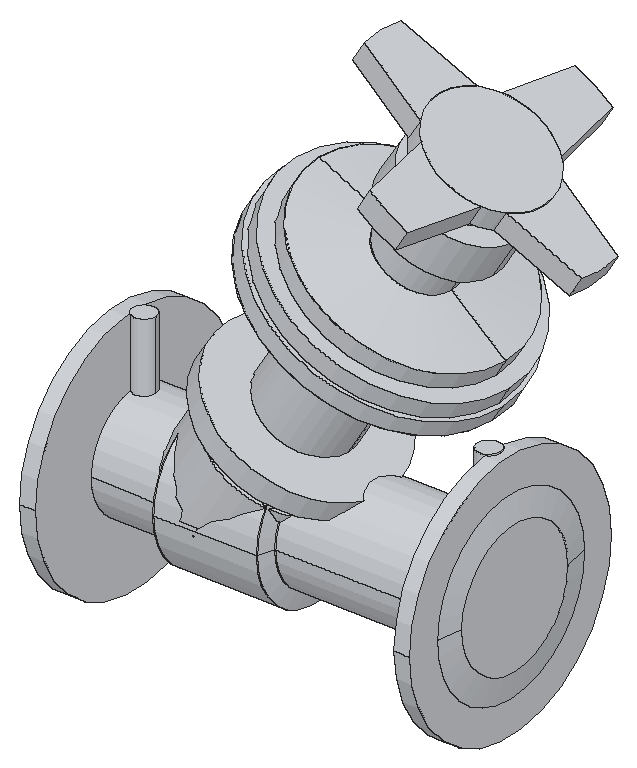
Revit family "224_DN100_40-160_RFA_2018", category Pipe Accessories, Revit 2018
Family settings
  Round Connector Dimension = Use Diameter
  Part Type = Valve - Breaks Into
  Work Plane-Based = No
  Always vertical = Yes
  Cut with Voids When Loaded = No
  Shared = No
Parameters (values of type "224_DN100_(40-160)")
  magiProductId = "71f9e553003c40d991c5e352e67284"
  magiProductFamilyId = "cb96b53648234cefb8c956722b95ac"
  magiPartTypeId = 304
  isMeasuringValve [instance] = no
  ang2D [instance] = 0.00°
  Z8 = 24.389 mm
  Z7 = 8.13 mm
  Z6 = 101.622 mm
  Z4 = 40.649 mm
  Z3 = 16.26 mm
  Z2 = 20.324 mm
  Z1 = 60.973 mm
  Y9 = 112.022 mm
  Y8 = 43.927 mm
  X9 = 19.752 mm
  X8 = 30.758 mm
  X5 = 152.2 mm
  X4 = 91 mm
  X1 = 14 mm
  W2D = 100 mm
  VersionID = "2.0/2018.4.11.4/ZETKAMA_224_001"
  Use Minimum Symbol Size [instance] = yes
  URL = "www.hydronic.cz"
  Type Comments = "přírubový ventil, PN16; -10~+120°C; dpmin=1,5xdpnast;"
  R8 = 53.625 mm
  R7 = 35.75 mm
  R6 = 96.688 mm
  R5 = 110 mm
  R4 = 113.75 mm
  R3 = 52 mm
  R2 = 80.5 mm
  R12 = 42.75 mm
  R10 = 58 mm
  QmdConnectorList = "301;D;302;D"
  Productdata [instance] = ""
  Manufacturer = "Hydronic Systems Prague s.r.o."
  Maintenance Zone Under Depth [instance] = 405 mm
  Maintenance Zone Right Depth [instance] = 350 mm
  Maintenance Zone Over Depth [instance] = 405 mm
  Maintenance Zone Left Depth [instance] = 350 mm
  Maintenance Zone Front Depth [instance] = 273 mm
  Maintenance Zone Back Depth [instance] = 273 mm
  Maintenance Zone Front Visibility [instance] = no
  MC Product Code = "224 100 7 (DN100; dpnast 40-160kPa; dpmax=250kPa; kvs=110,0kPa)"
  MC Piping Given Pressure Drop [instance] = 0.0 Pa
  LT2 = 175 mm
  L3 = 62.8 mm
  L2D_Min = 3048 mm
  L2D = 350 mm
  H5 = 60 mm
  FDT2 = 110 mm
  Description = "Regulátor diferenčního tlaku přírubový"
  DT21 = 50 mm
  DT2 = 50 mm
  D6 = 81.25 mm
  D5 = 65 mm
  D = 100 mm
  Clearance Zone Height Depth [instance] = 405 mm
  Clearance Zone Circular Radius [instance] = 350 mm
  Clearance Zone Visibility [instance] = no
  CAT0 = yes
  ARC2 = 1.728 mm
  ARC1 = 9.698 mm
  ANG = 32.00°
  A2 = 32.458 mm
  A1 = 51.943 mm
Types (10, lengths in mm): name | magiProductId | Z8 | Z7 | Z6 | Z4 | Z3 | Z2 | Z1 | X5 | X4 | X1 | R5 | R3 | R2 | R10 | Maintenance Zone Under Depth | Maintenance Zone Right Depth | Maintenance Zone Over Depth | Maintenance Zone Left Depth | MC Product Code | LT2 | L3 | H5 | FDT2 | DT21 | DT2 | D6 | D5 | D | Clearance Zone Height Depth | Clearance Zone Circular Radius | A2 | A1
  224_DN100_(40-160) | "71f9e553003c40d991c5e352e67284" | 24.389 | 8.13 | 101.622 | 40.649 | 16.26 | 20.324 | 60.973 | 152.2 | 91 | 14 | 110 | 52 | 80.5 | 58 | 405 | 350 | 405 | 350 | "224 100 7 (DN100; dpnast 40-160kPa; dpmax=250kPa; kvs=110,0kPa)" | 175 | 62.8 | 60 | 110 | 50 | 50 | 81.25 | 65 | 100 | 405 | 350 | 32.458 | 51.943
  224_DN100_(20-70) | "5e4de33176c64976a9c157b39996ce" | 24.389 | 8.13 | 101.622 | 40.649 | 16.26 | 20.324 | 60.973 | 152.2 | 91 | 14 | 110 | 52 | 80.5 | 58 | 405 | 350 | 405 | 350 | "224 100 3 (DN100; dpnast 20-70kPa; dpmax=250kPa; kvs=110,0kPa)" | 175 | 62.8 | 60 | 110 | 50 | 50 | 81.25 | 65 | 100 | 405 | 350 | 32.458 | 51.943
  224_DN125_(40-160) | "9beb69b667494b6ab1f54942078ae6" | 25.804 | 8.601 | 107.518 | 43.007 | 17.203 | 21.504 | 64.511 | 166.25 | 113.75 | 16 | 125 | 65 | 95.5 | 71 | 425 | 400 | 425 | 400 | "224 125 7 (DN125; dpnast 40-160kPa; dpmax=250kPa; kvs=169,0kPa)" | 200 | 72 | 62.5 | 125 | 62.5 | 62.5 | 101.562 | 81.25 | 125 | 425 | 400 | 37.094 | 59.363
  224_DN125_(20-70) | "2c85edc695ca465cb63b6911085491" | 25.804 | 8.601 | 107.518 | 43.007 | 17.203 | 21.504 | 64.511 | 166.25 | 113.75 | 16 | 125 | 65 | 95.5 | 71 | 425 | 400 | 425 | 400 | "224 125 3 (DN125; dpnast 20-70kPa; dpmax=250kPa; kvs=169,0kPa)" | 200 | 72 | 62.5 | 125 | 62.5 | 62.5 | 101.562 | 81.25 | 125 | 425 | 400 | 37.094 | 59.363
  224_DN150_(40-160) | "96017eba5eec4de2abe05c4d8dc7d1" | 26.866 | 8.955 | 89.552 | 44.776 | 17.91 | 22.388 | 89.552 | 223.38 | 115.5 | 19.2 | 142.5 | 70.2 | 108.5 | 84 | 440 | 480 | 440 | 480 | "224 150 7 (DN150; dpnast 40-160kPa; dpmax=250kPa; kvs=200,0kPa)" | 240 | 86.72 | 67.5 | 142.5 | 67.5 | 75 | 90.75 | 82.5 | 150 | 440 | 480 | 44.513 | 71.236
  224_DN150_(20-70) | "2dcf3707ec5549d494f72875a03dce" | 26.866 | 8.955 | 89.552 | 44.776 | 17.91 | 22.388 | 89.552 | 223.38 | 115.5 | 19.2 | 142.5 | 70.2 | 108.5 | 84 | 440 | 480 | 440 | 480 | "224 150 3 (DN150; dpnast 20-70kPa; dpmax=250kPa; kvs=200,0kPa)" | 240 | 86.72 | 67.5 | 142.5 | 67.5 | 75 | 90.75 | 82.5 | 150 | 440 | 480 | 44.513 | 71.236
  224_DN065_(40-160) | "7a3227ed888c4b0d8669ae9eb0085d" | 22.974 | 7.658 | 95.726 | 38.29 | 15.316 | 19.145 | 57.436 | 139.89 | 59.15 | 11.6 | 92.5 | 33.8 | 63 | 40.5 | 385 | 290 | 385 | 290 | "224 065 7 (DN65; dpnast 40-160kPa; dpmax=300kPa; kvs=48,4kPa)" | 145 | 51.76 | 60 | 92.5 | 32.5 | 32.5 | 52.812 | 42.25 | 65 | 385 | 290 | 26.893 | 43.038
  224_DN065_(20-70) | "bd269db4002540fe9b2a41f205afd7" | 22.974 | 7.658 | 95.726 | 38.29 | 15.316 | 19.145 | 57.436 | 139.89 | 59.15 | 11.6 | 92.5 | 33.8 | 63 | 40.5 | 385 | 290 | 385 | 290 | "224 065 3 (DN65; dpnast 20-70kPa; dpmax=300kPa; kvs=48,4kPa)" | 145 | 51.76 | 60 | 92.5 | 32.5 | 32.5 | 52.812 | 42.25 | 65 | 385 | 290 | 26.893 | 43.038
  224_DN080_(40-160) | "20b45c03d3cb49e9a44f946d5e2c2d" | 23.328 | 7.776 | 97.2 | 38.88 | 15.552 | 19.44 | 58.32 | 140.96 | 72.8 | 12.4 | 100 | 41.6 | 70.5 | 48 | 390 | 310 | 390 | 310 | "224 080 7 (DN80; dpnast 40-160kPa; dpmax=300kPa; kvs=74,5kPa)" | 155 | 55.44 | 60 | 100 | 40 | 40 | 65 | 52 | 80 | 390 | 310 | 28.748 | 46.007
  224_DN080_(20-70) | "2f63645f7c5342ecbadd0051fa47f2" | 23.328 | 7.776 | 97.2 | 38.88 | 15.552 | 19.44 | 58.32 | 140.96 | 72.8 | 12.4 | 100 | 41.6 | 70.5 | 48 | 390 | 310 | 390 | 310 | "224 080 3 (DN80; dpnast 20-70kPa; dpmax=300kPa; kvs=74,5kPa)" | 155 | 55.44 | 60 | 100 | 40 | 40 | 65 | 52 | 80 | 390 | 310 | 28.748 | 46.007
Reference planes
  plane 1 "Center (Front/Back)": y = 0
  plane 2 "XYPLANE": z = 0
  plane 3 "Center (Left/Right)": x = 0
  plane 4 "274": z = -405
  plane 5 "273": z = 405
  plane 6 "272": x = -350
  plane 7 "271": x = 350
  plane 8 "270": y = 273
  plane 9 "269": y = -273
  plane 10 "202": x = 152
  plane 11 "201": z = 50
  plane 12 "199": x = -150
  plane 13 "196": x = 4.8
  plane 14 "195": x = 0.8
  plane 15 "186": x = -90.2
  plane 16 "185": x = -94.2
  plane 17 "157": through (-523.992, 0, 576.747) normal (0.5299, 0, 0.848)
  plane 18 "123": y = -19.752
  plane 19 "122": y = -30.758
  plane 20 "120": y = 19.752
  plane 21 "119": y = 30.758
  plane 22 "118": through (258.389, 0, 722.924) normal (0.848, 0, -0.5299)
  plane 23 "117": through (390.642, 0, 640.284) normal (0.848, 0, -0.5299)
  plane 24 "116": through (448.389, 0, 604.199) normal (0.848, 0, -0.5299)
  plane 25 "115": through (316.137, 0, 686.839) normal (0.848, 0, -0.5299)
  plane 26 "113": y = -43.927
  plane 27 "112": y = -112.022
  plane 28 "110": through (379.474, 0, 647.262) normal (0.848, 0, -0.5299)
  plane 29 "108": through (336.638, 0, 674.029) normal (0.848, 0, -0.5299)
  plane 30 "107": through (327.305, 0, 679.861) normal (0.848, 0, -0.5299)
  plane 31 "106": through (370.14, 0, 653.094) normal (0.848, 0, -0.5299)
  plane 32 "105": y = 112.022
  plane 33 "104": y = 43.927
  plane 34 "99": through (-448.6, 0, 697.399) normal (0.5299, 0, 0.848)
  plane 35 "96": through (-459.371, 0, 680.163) normal (0.5299, 0, 0.848)
  plane 36 "91": through (-480.911, 0, 645.691) normal (0.5299, 0, 0.848)
  plane 37 "87": through (-502.452, 0, 611.219) normal (0.5299, 0, 0.848)
  plane 38 "84": through (-506.76, 0, 604.325) normal (0.5299, 0, 0.848)
  plane 39 "82": through (-515.376, 0, 590.536) normal (0.5299, 0, 0.848)
  plane 40 "75": through (-532.609, 0, 562.958) normal (0.5299, 0, 0.848)
  plane 41 "74": through (-545.533, 0, 542.275) normal (0.5299, 0, 0.848)
  plane 42 "41": through (-599.384, 0, 456.094) normal (0.5299, 0, 0.848)
  plane 43 "37": through (-610.155, 0, 438.858) normal (0.5299, 0, 0.848)
  plane 44 "34": through (-620.925, 0, 421.622) normal (0.5299, 0, 0.848)
  plane 45 "30": through (-653.236, 0, 369.914) normal (0.5299, 0, 0.848)
  plane 46 "28": y = 0
  plane 47 "27": through (353.389, 0, 663.562) normal (0.848, 0, -0.5299)
  plane 48 "24": x = 171
  plane 49 "23": x = 157
  plane 50 "15": x = -157
  plane 51 "11": x = -171
  plane 52 "6": x = 175
  plane 53 "5": x = -175
  plane 54 "3": z = 0
  plane 55 "2": y = 0
  plane 56 "1": x = 0
  plane 57 "25XY": through (-636.036, 0, 397.439) normal (0.5299, 0, 0.848)
  plane 58 "25XZ": y = 0
  plane 59 "25YZ": through (397.439, 0, 636.036) normal (0.848, 0, -0.5299)
Forms (mm)
  Blend 1, solid, visible <- "CAT0"
    base sketch origin (-545.533, 0, 542.275) x (0.848048, 0, -0.529919) y (0, 1, 0)
      loop
        circle (698.057, 0) r 42.75
    top sketch origin (-545.533, 0, 542.275) x (0.848048, 0, -0.529919) y (0, 1, 0)
      loop
        circle (698.057, 0) r 113.75
    from 0 to 24.389
  Blend 2, solid, visible <- "Maintenance Zone Front Visibility"
    base sketch origin (-750, 0, 405) x (1, 0, 0) y (0, 1, 0)
      loop
        line (400, 273) -> (400, -273) -> (1100, -273) -> (1100, 273) -> (400, 273)
    top sketch origin (-750, 0, 405) x (1, 0, 0) y (0, 1, 0)
      loop
        line (400, 273) -> (400, -273) -> (1100, -273) -> (1100, 273) -> (400, 273)
    from 0 to -810
  Extrusion 3, solid, visible <- "Clearance Zone Visibility"
    sketch origin (-750, 0, 0) x (1, 0, 0) y (0, 1, 0)
      loop
        circle (750, 0) r 350
    from 0 to 405 <- "Clearance Zone Height Depth"
  Extrusion 4, solid, visible <- "CAT0"
    sketch origin (-599.384, 0, 456.094) x (0.848048, 0, -0.529919) y (0, 1, 0)
      loop
        circle (698.057, 0) r 42.75
    from 0 to 101.622 <- "Z6"
  Extrusion 5, solid
    sketch origin (-750, 0, 50) x (1, 0, 0) y (0, 1, 0)
      loop
        circle (902, 0) r 10
    from 0 to 60 <- "H5"
  Extrusion 6, solid
    sketch origin (-750, 0, 50) x (1, 0, 0) y (0, 1, 0)
      loop
        circle (600, 0) r 10
    from 0 to 60 <- "H5"
  Extrusion 7, solid
    sketch origin (4.8, -750, 0) x (0, 1, 0) y (0, 0, 1)
      loop
        circle (750, 0) r 50
    from 0 to 152.2 <- "X5"
  Blend 8, solid
    base sketch origin (4.8, -750, 0) x (0, 1, 0) y (0, 0, 1)
      loop
        circle (750, 0) r 50
    top sketch origin (4.8, -750, 0) x (0, 1, 0) y (0, 0, 1)
      loop
        circle (750, 0) r 65
    from 0 to -4
  Extrusion 9, solid
    sketch origin (-90.2, -750, 0) x (0, 1, 0) y (0, 0, 1)
      loop
        circle (750, 0) r 65
    from 0 to 91 <- "X4"
  Blend 10, solid
    base sketch origin (-94.2, -750, 0) x (0, 1, 0) y (0, 0, 1)
      loop
        circle (750, 0) r 50
    top sketch origin (-94.2, -750, 0) x (0, 1, 0) y (0, 0, 1)
      loop
        circle (750, 0) r 65
    from 0 to 4
  Extrusion 11, solid
    sketch origin (-653.236, 0, 369.914) x (0.848048, 0, -0.529919) y (0, 1, 0)
      loop
        circle (698.057, 0) r 65
    from 0 to 60.973 <- "Z1"
  Extrusion 12, solid
    sketch origin (-532.609, 0, 562.958) x (0.848048, 0, -0.529919) y (0, 1, 0)
      loop
        circle (698.057, 0) r 113.75
    from 0 to 16.26 <- "Z3"
  Extrusion 13, solid
    sketch origin (-448.6, 0, 697.399) x (0.848048, 0, -0.529919) y (0, 1, 0)
      loop
        line (741.984, -30.758) -> (810.079, -19.752)
        arc (810.079, -19.752) -> (811.807, 0) -> (810.079, 19.752) r 113.75
        line (810.079, 19.752) -> (741.984, 30.758)
        arc (741.984, 30.758) -> (751.682, 0) -> (741.984, -30.758) r 53.625
    from 0 to 20.324 <- "Z2"
  Extrusion 14, solid
    sketch origin (-448.6, 0, 697.399) x (0.848048, 0, -0.529919) y (0, 1, 0)
      loop
        line (654.13, 30.758) -> (586.035, 19.752)
        arc (586.035, 19.752) -> (584.307, 0) -> (586.035, -19.752) r 113.75
        line (586.035, -19.752) -> (654.13, -30.758)
        arc (654.13, -30.758) -> (644.432, 0) -> (654.13, 30.758) r 53.625
    from 0 to 20.324 <- "Z2"
  Extrusion 15, solid
    sketch origin (-448.6, 0, 697.399) x (0.848048, 0, -0.529919) y (0, 1, 0)
      loop
        line (667.299, -43.927) -> (678.305, -112.022)
        arc (678.305, -112.022) -> (698.057, -113.75) -> (717.81, -112.022) r 113.75
        line (717.81, -112.022) -> (728.815, -43.927)
        arc (728.815, -43.927) -> (698.057, -53.625) -> (667.299, -43.927) r 53.625
    from 0 to 20.324 <- "Z2"
  Extrusion 16, solid
    sketch origin (-448.6, 0, 697.399) x (0.848048, 0, -0.529919) y (0, 1, 0)
      loop
        line (728.815, 43.927) -> (717.81, 112.022)
        arc (717.81, 112.022) -> (698.057, 113.75) -> (678.305, 112.022) r 113.75
        line (678.305, 112.022) -> (667.299, 43.927)
        arc (667.299, 43.927) -> (698.057, 53.625) -> (728.815, 43.927) r 53.625
    from 0 to 20.324 <- "Z2"
  Extrusion 17, solid
    sketch origin (-448.6, 0, 697.399) x (0.848048, 0, -0.529919) y (0, 1, 0)
      loop
        circle (698.057, 0) r 53.625
    from 0 to 20.324 <- "Z2"
  Extrusion 18, solid
    sketch origin (-459.371, 0, 680.163) x (0.848048, 0, -0.529919) y (0, 1, 0)
      loop
        circle (698.057, 0) r 35.75
    from 0 to 20.324 <- "Z2"
  Extrusion 19, solid
    sketch origin (-480.911, 0, 645.691) x (0.848048, 0, -0.529919) y (0, 1, 0)
      loop
        circle (698.057, 0) r 53.625
    from 0 to 40.649 <- "Z4"
  Extrusion 20, solid
    sketch origin (-502.452, 0, 611.219) x (0.848048, 0, -0.529919) y (0, 1, 0)
      loop
        circle (698.057, 0) r 35.75
    from 0 to 40.649 <- "Z4"
  Blend 21, solid
    base sketch origin (-506.76, 0, 604.325) x (0.848048, 0, -0.529919) y (0, 1, 0)
      loop
        circle (698.057, 0) r 96.688
    top sketch origin (-506.76, 0, 604.325) x (0.848048, 0, -0.529919) y (0, 1, 0)
      loop
        circle (698.057, 0) r 35.75
    from 0 to 8.13
  Extrusion 22, solid
    sketch origin (-515.376, 0, 590.536) x (0.848048, 0, -0.529919) y (0, 1, 0)
      loop
        circle (698.057, 0) r 96.688
    from 0 to 16.26 <- "Z3"
  Extrusion 23, solid
    sketch origin (-523.992, 0, 576.747) x (0.848048, 0, -0.529919) y (0, 1, 0)
      loop
        circle (698.057, 0) r 110
    from 0 to 16.26 <- "Z3"
  Extrusion 24, solid
    sketch origin (-610.155, 0, 438.858) x (0.848048, 0, -0.529919) y (0, 1, 0)
      loop
        circle (698.057, 0) r 81.25
    from 0 to 20.324 <- "Z2"
  Extrusion 25, solid
    sketch origin (-620.925, 0, 421.622) x (0.848048, 0, -0.529919) y (0, 1, 0)
      loop
        circle (698.057, 0) r 52
    from 0 to 20.324 <- "Z2"
  Blend 26, solid
    base sketch origin (171, -750, 0) x (0, 1, 0) y (0, 0, 1)
      loop
        circle (750, 0) r 80.5
    top sketch origin (171, -750, 0) x (0, 1, 0) y (0, 0, 1)
      loop
        circle (750, 0) r 58
    from 0 to 4
  Extrusion 27, solid
    sketch origin (157, -750, 0) x (0, 1, 0) y (0, 0, 1)
      loop
        circle (750, 0) r 110
    from 0 to 14 <- "X1"
  Extrusion 28, solid
    sketch origin (-157, -750, 0) x (0, 1, 0) y (0, 0, 1)
      loop
        circle (750, 0) r 50
    from 0 to 62.8 <- "L3"
  Extrusion 29, solid
    sketch origin (-171, -750, 0) x (0, 1, 0) y (0, 0, 1)
      loop
        circle (750, 0) r 110
    from 0 to 14 <- "X1"
  Blend 30, solid
    base sketch origin (-175, -750, 0) x (0, 1, 0) y (0, 0, 1)
      loop
        circle (750, 0) r 58
    top sketch origin (-175, -750, 0) x (0, 1, 0) y (0, 0, 1)
      loop
        circle (750, 0) r 80.5
    from 0 to 4
  Extrusion 31, solid, not visible
    sketch origin (175, -750, 0) x (0, 1, 0) y (0, 0, 1)
      loop
        circle (750, 0) r 10
    from 0 to -10
  Extrusion 32, solid, not visible
    sketch origin (-175, -750, 0) x (0, 1, 0) y (0, 0, 1)
      loop
        circle (750, 0) r 10
    from 0 to 10
Lines and regions (mm)
  reference lines, not visible
    curve 1: circle (2, 2, 0) r 1 normal (0, 0, 1)
  reference lines
    curve 2: line (180.638, -30.758, 304.208) -> (180.638, 30.758, 304.208)
    curve 3: line (238.386, 19.752, 268.123) -> (238.386, -19.752, 268.123)
    curve 4: line (106.133, 30.758, 350.763) -> (106.133, -30.758, 350.763)
    curve 5: line (48.386, -19.752, 386.848) -> (48.386, 19.752, 386.848)
    curve 6: line (117.301, -43.927, 343.785) -> (169.47, -43.927, 311.186)
    curve 7: line (160.137, -112.022, 317.018) -> (126.635, -112.022, 337.953)
    curve 8: line (169.47, 43.927, 311.186) -> (117.301, 43.927, 343.785)
    curve 9: line (126.635, 112.022, 337.953) -> (160.137, 112.022, 317.018)
Dimensions and locks
  plane 1 "Center (Front/Back)" to curve 1 = 2 mm
  "Maintenance Zone Under Depth": plane 2 "XYPLANE" to plane 4 "274"
  "Maintenance Zone Over Depth": plane 2 "XYPLANE" to plane 5 "273"
  "Maintenance Zone Left Depth": plane 3 "Center (Left/Right)" to plane 6 "272"
  "Maintenance Zone Right Depth": plane 3 "Center (Left/Right)" to plane 7 "271"
  "Maintenance Zone Back Depth": plane 1 "Center (Front/Back)" to plane 8 "270"
  "Maintenance Zone Front Depth": plane 1 "Center (Front/Back)" to plane 9 "269"
  locked: plane 49 "23" to plane 10 "202" at 5
  "DT2": plane 2 "XYPLANE" to plane 11 "201"
  locked: plane 50 "15" to plane 12 "199" at 7
  locked: plane 14 "195" to plane 13 "196" at 4
  "X4": plane 15 "186" to plane 14 "195"
  locked: plane 16 "185" to plane 15 "186" at 4
  "L3": plane 50 "15" to plane 16 "185"
  "Z3": plane 40 "75" to plane 17 "157"
  "X9": plane 55 "2" to plane 18 "123"
  "X8": plane 55 "2" to plane 19 "122"
  "X9": plane 55 "2" to plane 20 "120"
  "X8": plane 55 "2" to plane 21 "119"
  "Y9": plane 47 "27" to plane 22 "118"
  "Y8": plane 47 "27" to plane 23 "117"
  "Y9": plane 47 "27" to plane 24 "116"
  "Y8": plane 47 "27" to plane 25 "115"
  "Y8": plane 55 "2" to plane 26 "113"
  "Y9": plane 55 "2" to plane 27 "112"
  "X8": plane 47 "27" to plane 28 "110"
  "X9": plane 47 "27" to plane 29 "108"
  "X8": plane 47 "27" to plane 30 "107"
  "X9": plane 47 "27" to plane 31 "106"
  "Y9": plane 55 "2" to plane 32 "105"
  "Y8": plane 55 "2" to plane 33 "104"
  "Z2": plane 35 "96" to plane 34 "99"
  "Z4": plane 36 "91" to plane 35 "96"
  "Z4": plane 37 "87" to plane 36 "91"
  "Z7": plane 38 "84" to plane 37 "87"
  "Z3": plane 39 "82" to plane 38 "84"
  "Z3": plane 17 "157" to plane 39 "82"
  "Z8": plane 41 "74" to plane 40 "75"
  "Z6": plane 42 "41" to plane 41 "74"
  "Z2": plane 43 "37" to plane 42 "41"
  "Z2": plane 44 "34" to plane 43 "37"
  "Z1": plane 45 "30" to plane 44 "34"
  "A2": plane 57 "25XY" to plane 45 "30"
  locked: plane 55 "2" to plane 46 "28"
  "A1": plane 59 "25YZ" to plane 47 "27"
  "X1": plane 49 "23" to plane 48 "24"
  "X5": plane 13 "196" to plane 49 "23"
  "X1": plane 51 "11" to plane 50 "15"
  locked: plane 53 "5" to plane 51 "11" at 4
  "LT2": plane 3 "Center (Left/Right)" to plane 52 "6"
  "LT2": plane 3 "Center (Left/Right)" to plane 53 "5"
  locked: plane 2 "XYPLANE" to plane 54 "3"
  locked: plane 1 "Center (Front/Back)" to plane 55 "2"
  locked: plane 3 "Center (Left/Right)" to plane 56 "1"
  Blend 2 sketch curve to Blend 2 sketch curve = 0 mm  (x16)
  "ARC1": curve 2 to Extrusion 13 sketch curve
  "ARC2": curve 3 to Extrusion 13 sketch curve
  Extrusion 13 sketch curve to Extrusion 13 sketch curve = 0 mm  (x8)
  "ARC1": curve 4 to Extrusion 14 sketch curve
  "ARC2": curve 5 to Extrusion 14 sketch curve
  Extrusion 14 sketch curve to Extrusion 14 sketch curve = 0 mm  (x8)
  "ARC1": curve 6 to Extrusion 15 sketch curve
  "ARC2": curve 7 to Extrusion 15 sketch curve
  Extrusion 15 sketch curve to Extrusion 15 sketch curve = 0 mm  (x8)
  "ARC1": curve 8 to Extrusion 16 sketch curve
  "ARC2": curve 9 to Extrusion 16 sketch curve
  Extrusion 16 sketch curve to Extrusion 16 sketch curve = 0 mm  (x8)
  "R4": radius of Blend 1 sketch curve
  "R12": radius of Blend 1 sketch curve
  "Clearance Zone Circular Radius": radius of Extrusion 3 sketch curve
  "R12": radius of Extrusion 4 sketch curve
  "DT21": radius of Extrusion 7 sketch curve
  "D5": radius of Blend 8 sketch curve
  "DT21": radius of Blend 8 sketch curve
  "D5": radius of Extrusion 9 sketch curve
  "D5": radius of Blend 10 sketch curve
  "DT21": radius of Blend 10 sketch curve
  "D5": radius of Extrusion 11 sketch curve
  "R4": radius of Extrusion 12 sketch curve
  "R8": radius of Extrusion 17 sketch curve
  "R7": radius of Extrusion 18 sketch curve
  "R8": radius of Extrusion 19 sketch curve
  "R7": radius of Extrusion 20 sketch curve
  "R7": radius of Blend 21 sketch curve
  "R6": radius of Blend 21 sketch curve
  "R6": radius of Extrusion 22 sketch curve
  "R5": radius of Extrusion 23 sketch curve
  "D6": radius of Extrusion 24 sketch curve
  "R3": radius of Extrusion 25 sketch curve
  "R10": radius of Blend 26 sketch curve
  "R2": radius of Blend 26 sketch curve
  "FDT2": radius of Extrusion 27 sketch curve
  "DT21": radius of Extrusion 28 sketch curve
  "FDT2": radius of Extrusion 29 sketch curve
  "R2": radius of Blend 30 sketch curve
  "R10": radius of Blend 30 sketch curve
  aligned and locked: level to plane 2 "XYPLANE"
  aligned and locked: plane 46 "28" to Blend 1 sketch curve  (x2)
  aligned and locked: Blend 1 sketch curve to plane 47 "27"  (x2)
  aligned and locked: plane 40 "75" to Blend 1
  aligned and locked: Blend 2 sketch curve to plane 6 "272"  (x2)
  aligned and locked: plane 8 "270" to Blend 2 sketch curve  (x4)
  aligned and locked: plane 9 "269" to Blend 2 sketch curve  (x4)
  aligned and locked: plane 6 "272" to Blend 2 sketch curve  (x2)
  aligned and locked: plane 7 "271" to Blend 2 sketch curve  (x4)
  aligned and locked: Blend 2 to plane 4 "274"
  aligned and locked: plane 55 "2" to Extrusion 3 sketch curve
  aligned and locked: plane 56 "1" to Extrusion 3 sketch curve
  aligned and locked: plane 46 "28" to Extrusion 4 sketch curve
  aligned and locked: Extrusion 4 sketch curve to plane 47 "27"
  aligned and locked: plane 10 "202" to Extrusion 5 sketch curve
  aligned and locked: plane 55 "2" to Extrusion 5 sketch curve
  aligned and locked: plane 12 "199" to Extrusion 6 sketch curve
  aligned and locked: plane 55 "2" to Extrusion 6 sketch curve
  aligned and locked: plane 54 "3" to Extrusion 7 sketch curve
  aligned and locked: Extrusion 7 sketch curve to plane 55 "2"
  aligned and locked: plane 54 "3" to Blend 8 sketch curve  (x2)
  aligned and locked: Blend 8 sketch curve to plane 55 "2"  (x2)
  aligned and locked: Blend 8 to plane 14 "195"
  aligned and locked: plane 54 "3" to Extrusion 9 sketch curve
  aligned and locked: Extrusion 9 sketch curve to plane 55 "2"
  aligned and locked: plane 54 "3" to Blend 10 sketch curve  (x2)
  aligned and locked: Blend 10 sketch curve to plane 55 "2"  (x2)
  aligned and locked: plane 15 "186" to Blend 10
  aligned and locked: plane 46 "28" to Extrusion 11 sketch curve
  aligned and locked: Extrusion 11 sketch curve to plane 47 "27"
  aligned and locked: plane 46 "28" to Extrusion 12 sketch curve
  aligned and locked: Extrusion 12 sketch curve to plane 47 "27"
  aligned and locked: curve 2 to plane 23 "117"
  aligned and locked: plane 19 "122" to curve 2
  aligned and locked: plane 21 "119" to curve 2
  aligned and locked: plane 21 "119" to Extrusion 13 sketch curve
  aligned and locked: plane 23 "117" to Extrusion 13 sketch curve
  aligned and locked: plane 20 "120" to Extrusion 13 sketch curve
  aligned and locked: plane 24 "116" to Extrusion 13 sketch curve
  aligned and locked: curve 3 to plane 24 "116"
  aligned and locked: plane 20 "120" to curve 3
  aligned and locked: plane 18 "123" to curve 3
  aligned and locked: plane 18 "123" to Extrusion 13 sketch curve
  aligned and locked: Extrusion 13 sketch curve to plane 24 "116"
  aligned and locked: plane 19 "122" to Extrusion 13 sketch curve
  aligned and locked: Extrusion 13 sketch curve to plane 23 "117"
  aligned and locked: curve 4 to plane 25 "115"
  aligned and locked: plane 21 "119" to curve 4
  aligned and locked: plane 19 "122" to curve 4
  aligned and locked: plane 19 "122" to Extrusion 14 sketch curve
  aligned and locked: Extrusion 14 sketch curve to plane 25 "115"
  aligned and locked: plane 18 "123" to Extrusion 14 sketch curve
  aligned and locked: Extrusion 14 sketch curve to plane 22 "118"
  aligned and locked: curve 5 to plane 22 "118"
  aligned and locked: plane 18 "123" to curve 5
  aligned and locked: plane 20 "120" to curve 5
  aligned and locked: plane 20 "120" to Extrusion 14 sketch curve
  aligned and locked: plane 22 "118" to Extrusion 14 sketch curve
  aligned and locked: plane 21 "119" to Extrusion 14 sketch curve
  aligned and locked: plane 25 "115" to Extrusion 14 sketch curve
  aligned and locked: curve 6 to plane 26 "113"
  aligned and locked: curve 6 to plane 30 "107"
  aligned and locked: curve 6 to plane 28 "110"
  aligned and locked: plane 26 "113" to Extrusion 15 sketch curve  (x2)
  aligned and locked: Extrusion 15 sketch curve to plane 28 "110"
  aligned and locked: plane 27 "112" to Extrusion 15 sketch curve  (x2)
  aligned and locked: Extrusion 15 sketch curve to plane 31 "106"
  aligned and locked: plane 27 "112" to curve 7
  aligned and locked: curve 7 to plane 31 "106"
  aligned and locked: curve 7 to plane 29 "108"
  aligned and locked: Extrusion 15 sketch curve to plane 29 "108"
  aligned and locked: Extrusion 15 sketch curve to plane 30 "107"
  aligned and locked: plane 33 "104" to curve 8
  aligned and locked: plane 28 "110" to curve 8
  aligned and locked: plane 30 "107" to curve 8
  aligned and locked: plane 30 "107" to Extrusion 16 sketch curve
  aligned and locked: plane 33 "104" to Extrusion 16 sketch curve  (x2)
  aligned and locked: plane 29 "108" to Extrusion 16 sketch curve
  aligned and locked: plane 32 "105" to Extrusion 16 sketch curve  (x2)
  aligned and locked: curve 9 to plane 32 "105"
  aligned and locked: plane 29 "108" to curve 9
  aligned and locked: plane 31 "106" to curve 9
  aligned and locked: plane 31 "106" to Extrusion 16 sketch curve
  aligned and locked: plane 28 "110" to Extrusion 16 sketch curve
  aligned and locked: plane 46 "28" to Extrusion 17 sketch curve
  aligned and locked: Extrusion 17 sketch curve to plane 47 "27"
  aligned and locked: plane 46 "28" to Extrusion 18 sketch curve
  aligned and locked: Extrusion 18 sketch curve to plane 47 "27"
  aligned and locked: plane 46 "28" to Extrusion 19 sketch curve
  aligned and locked: Extrusion 19 sketch curve to plane 47 "27"
  aligned and locked: plane 46 "28" to Extrusion 20 sketch curve
  aligned and locked: Extrusion 20 sketch curve to plane 47 "27"
  aligned and locked: plane 46 "28" to Blend 21 sketch curve  (x2)
  aligned and locked: Blend 21 sketch curve to plane 47 "27"  (x2)
  aligned and locked: plane 37 "87" to Blend 21
  aligned and locked: plane 46 "28" to Extrusion 22 sketch curve
  aligned and locked: Extrusion 22 sketch curve to plane 47 "27"
  aligned and locked: plane 46 "28" to Extrusion 23 sketch curve
  aligned and locked: Extrusion 23 sketch curve to plane 47 "27"
  aligned and locked: plane 46 "28" to Extrusion 24 sketch curve
  aligned and locked: Extrusion 24 sketch curve to plane 47 "27"
  aligned and locked: plane 46 "28" to Extrusion 25 sketch curve
  aligned and locked: Extrusion 25 sketch curve to plane 47 "27"
  aligned and locked: plane 54 "3" to Blend 26 sketch curve  (x2)
  aligned and locked: Blend 26 sketch curve to plane 55 "2"  (x2)
  aligned and locked: plane 52 "6" to Blend 26
  aligned and locked: plane 54 "3" to Extrusion 27 sketch curve
  aligned and locked: Extrusion 27 sketch curve to plane 55 "2"
  aligned and locked: plane 54 "3" to Extrusion 28 sketch curve
  aligned and locked: Extrusion 28 sketch curve to plane 55 "2"
  aligned and locked: plane 54 "3" to Extrusion 29 sketch curve
  aligned and locked: Extrusion 29 sketch curve to plane 55 "2"
  aligned and locked: plane 54 "3" to Blend 30 sketch curve  (x2)
  aligned and locked: Blend 30 sketch curve to plane 55 "2"  (x2)
  aligned and locked: plane 51 "11" to Blend 30
  aligned and locked: plane 54 "3" to Extrusion 31 sketch curve
  aligned and locked: Extrusion 31 sketch curve to plane 55 "2"
  aligned and locked: plane 54 "3" to Extrusion 32 sketch curve
  aligned and locked: Extrusion 32 sketch curve to plane 55 "2"
Automatic sketch dimensions
  Extrusion 5 sketch curve to Extrusion 5 sketch curve = 10 mm
  Extrusion 6 sketch curve to plane 50 "15" = 3 mm
  plane 18 "123" to Extrusion 31 sketch curve = 9.752 mm
  plane 18 "123" to Extrusion 32 sketch curve = 9.752 mm
  plane 14 "195" to curve 1 = 1.2 mm
  radius of curve 1 = 1 mm
Connectors
  piping at (-175, 0, 0), diameter 100, driven by "D"
    settings: on Extrusion 32, index 1, connector inside diameter 609.6 mm, connector length 0 mm, flow factor 0, pipe flow 0.0 L/s, pressure drop 0.0 Pa, fitting loss kfactor 0, connector angle 0.00°, fixture units 0, engagement length 0 mm, angle of deflection 0.00°, flow configuration 0, flow direction 0, fitting loss method 0, system type 29, joint type 0, gender type 0, connector reference index 2, connector utility 0, adjustable connector no, is connector primary yes, connector description ""
  piping at (175, 0, 0), diameter 100, driven by "D"
    settings: on Extrusion 31, index 2, connector inside diameter 609.6 mm, connector length 0 mm, flow factor 0, pipe flow 0.0 L/s, pressure drop 0.0 Pa, fitting loss kfactor 0, connector angle 0.00°, fixture units 0, engagement length 0 mm, angle of deflection 0.00°, flow configuration 0, flow direction 0, fitting loss method 0, system type 29, joint type 0, gender type 0, connector reference index 1, connector utility 0, adjustable connector no, is connector primary no, connector description ""
